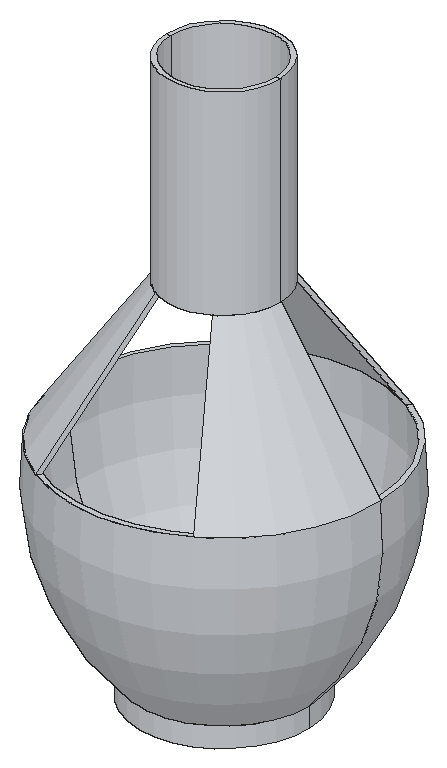
Revit family "MI-CAG", category Pipe Accessories, Revit 2026
Family settings
  Round Connector Dimension = Use Diameter
  Part Type = Normal
  Work Plane-Based = No
  Always vertical = Yes
  Cut with Voids When Loaded = No
  Shared = No
Parameters (values of type "MI-CAG-30NH")
  URL = "WWW.MIFAB.COM"
  Model = "MI-CAG"
  Manufacturer = "MIFAB"
  MI-CAG-30NH = yes
  MI-CAG-20T = no
  MI-CAG-20NH = no
  MI-CAG-15T = no
  MI-CAG-10T = no
  Description = "CAST IRON FIXED AIR GAP"
  Default Elevation = 0' - 0"
  B-OUTLET = 0' - 1"
  A-INLET = 0' - 0 3/4"
Types (6): name | URL | Model | Manufacturer | MI-CAG-30NH | MI-CAG-20T | MI-CAG-20NH | MI-CAG-15T | MI-CAG-10T | Description
  (no name) | "WWW.MIFAB.COM" | "MI-CAG" | "MIFAB" | yes | no | no | no | no | "CAST IRON FIXED AIR GAP"
  MI-CAG-10T | 0' - 0" | "MI-CAG-10T" | 0' - 0" | no | no | no | no | yes | 0' - 0"
  MI-CAG-15T | 0' - 0" | "MI-CAG-15T" | 0' - 0" | no | no | no | yes | no | 0' - 0"
  MI-CAG-20T | 0' - 0" | "MI-CAG-10T" | 0' - 0" | no | yes | no | no | no | 0' - 0"
  MI-CAG-20NH | 0' - 0" | "MI-CAG-10T" | 0' - 0" | no | no | yes | no | no | 0' - 0"
  MI-CAG-30NH | "WWW.MIFAB.COM" | "MI-CAG" | "MIFAB" | yes | no | no | no | no | "CAST IRON FIXED AIR GAP"
Reference planes (in)
  plane 1 "Center (Front/Back)": y = 0
  plane 2: z = 0
  plane 3 "Center (Left/Right)": x = 0
  plane 4: x = -0.375
  plane 5: x = 0.375
  plane 6: x = -0.5
  plane 7: x = 0.5
Lines and regions (in)
  model lines, not visible
    curve 1: line (1.54379, 0, 1.54416) -> (1.54379, 0, 2.04416)
    curve 2: line (1.54379, 0, 2.04416) -> (4.79379, 0, 2.04416)
    curve 3: line (4.79379, 0, 2.04416) -> (4.79379, 0, 1.54416)
Dimensions and locks (in)
  equal spacing: plane 4, plane 3 "Center (Left/Right)", plane 5
  "A-INLET": plane 4 to plane 5
  equal spacing: plane 7, plane 3 "Center (Left/Right)", plane 6
  "B-OUTLET": plane 7 to plane 6
  aligned and locked: level to plane 2
  aligned and locked: plane 1 "Center (Front/Back)" to nested 1
  aligned and locked: plane 3 "Center (Left/Right)" to nested 1
Nested families (in)
  nested 1: "MI-CAG-10T" at (0, 0, 0), visible <- "MI-CAG-10T", type "MI-CAG-10T"
  nested 2: "MI-CAG-15T" at (0, 0, 0), visible <- "MI-CAG-15T", type "MI-CAG-15T"
  nested 3: "MI-CAG-20NH" at (0, 0, 0), visible <- "MI-CAG-20NH", type "MI-CAG-20NH"
  nested 4: "MI-CAG-20T" at (0, 0, 0), visible <- "MI-CAG-20T", type "MI-CAG-20T"
  nested 5: "MI-CAG-30NH" at (0, 0, 0), visible <- "MI-CAG-30NH", type "MI-CAG-30NH"
Connectors (in)
  piping at (0, 0, 4.75), diameter 0.5
    settings: on nested 1, index 1, connector inside diameter 609.6 mm, connector length 0' - 0", flow factor 0, pipe flow 0.0 L/s, pressure drop 0.0 Pa, fitting loss kfactor 0, connector angle 0.00°, fixture units 0, engagement length 0' - 0", angle of deflection 0.00°, flow configuration 0, flow direction 0, fitting loss method 0, system type 7, joint type 0, gender type 0, connector reference index -1, connector utility 0, adjustable connector no, is connector primary yes, connector description ""
  piping at (0, 0, 0), diameter 1, driven by "B-OUTLET"
    settings: on nested 1, index 2, connector inside diameter 609.6 mm, connector length 0' - 0", flow factor 0, pipe flow 0.0 L/s, pressure drop 0.0 Pa, fitting loss kfactor 0, connector angle 0.00°, fixture units 0, engagement length 0' - 0", angle of deflection 0.00°, flow configuration 0, flow direction 0, fitting loss method 0, system type 7, joint type 0, gender type 0, connector reference index -1, connector utility 0, adjustable connector no, is connector primary no, connector description ""
  piping at (0, 0, 5.5), diameter 0.75
    settings: on nested 2, index 3, connector inside diameter 609.6 mm, connector length 0' - 0", flow factor 0, pipe flow 0.0 L/s, pressure drop 0.0 Pa, fitting loss kfactor 0, connector angle 0.00°, fixture units 0, engagement length 0' - 0", angle of deflection 0.00°, flow configuration 0, flow direction 0, fitting loss method 0, system type 7, joint type 0, gender type 0, connector reference index -1, connector utility 0, adjustable connector no, is connector primary no, connector description ""
  piping at (0, 0, 0), diameter 1.5
    settings: on nested 2, index 4, connector inside diameter 609.6 mm, connector length 0' - 0", flow factor 0, pipe flow 0.0 L/s, pressure drop 0.0 Pa, fitting loss kfactor 0, connector angle 0.00°, fixture units 0, engagement length 0' - 0", angle of deflection 0.00°, flow configuration 0, flow direction 0, fitting loss method 0, system type 7, joint type 0, gender type 0, connector reference index -1, connector utility 0, adjustable connector no, is connector primary no, connector description ""
  piping at (0, 0, 8), diameter 1
    settings: on nested 4, index 5, connector inside diameter 609.6 mm, connector length 0' - 0", flow factor 0, pipe flow 0.0 L/s, pressure drop 0.0 Pa, fitting loss kfactor 0, connector angle 0.00°, fixture units 0, engagement length 0' - 0", angle of deflection 0.00°, flow configuration 0, flow direction 0, fitting loss method 0, system type 7, joint type 0, gender type 0, connector reference index -1, connector utility 0, adjustable connector no, is connector primary no, connector description ""
  piping at (0, 0, 0), diameter 2
    settings: on nested 4, index 6, connector inside diameter 609.6 mm, connector length 0' - 0", flow factor 0, pipe flow 0.0 L/s, pressure drop 0.0 Pa, fitting loss kfactor 0, connector angle 0.00°, fixture units 0, engagement length 0' - 0", angle of deflection 0.00°, flow configuration 0, flow direction 0, fitting loss method 0, system type 7, joint type 0, gender type 0, connector reference index -1, connector utility 0, adjustable connector no, is connector primary no, connector description ""
  piping at (0, 0, 10), diameter 1.5
    settings: on nested 3, index 7, connector inside diameter 609.6 mm, connector length 0' - 0", flow factor 0, pipe flow 0.0 L/s, pressure drop 0.0 Pa, fitting loss kfactor 0, connector angle 0.00°, fixture units 0, engagement length 0' - 0", angle of deflection 0.00°, flow configuration 0, flow direction 0, fitting loss method 0, system type 7, joint type 0, gender type 0, connector reference index -1, connector utility 0, adjustable connector no, is connector primary no, connector description ""
  piping at (0, 0, 0), diameter 2
    settings: on nested 3, index 8, connector inside diameter 609.6 mm, connector length 0' - 0", flow factor 0, pipe flow 0.0 L/s, pressure drop 0.0 Pa, fitting loss kfactor 0, connector angle 0.00°, fixture units 0, engagement length 0' - 0", angle of deflection 0.00°, flow configuration 0, flow direction 0, fitting loss method 0, system type 7, joint type 0, gender type 0, connector reference index -1, connector utility 0, adjustable connector no, is connector primary no, connector description ""
  piping at (0, 0, 10), diameter 2
    settings: on nested 5, index 9, connector inside diameter 609.6 mm, connector length 0' - 0", flow factor 0, pipe flow 0.0 L/s, pressure drop 0.0 Pa, fitting loss kfactor 0, connector angle 0.00°, fixture units 0, engagement length 0' - 0", angle of deflection 0.00°, flow configuration 0, flow direction 0, fitting loss method 0, system type 7, joint type 0, gender type 0, connector reference index -1, connector utility 0, adjustable connector no, is connector primary no, connector description ""
  piping at (0, 0, 0), diameter 3
    settings: on nested 5, index 10, connector inside diameter 609.6 mm, connector length 0' - 0", flow factor 0, pipe flow 0.0 L/s, pressure drop 0.0 Pa, fitting loss kfactor 0, connector angle 0.00°, fixture units 0, engagement length 0' - 0", angle of deflection 0.00°, flow configuration 0, flow direction 0, fitting loss method 0, system type 7, joint type 0, gender type 0, connector reference index -1, connector utility 0, adjustable connector no, is connector primary no, connector description ""
Definition of nested family "MI-CAG-10T"
  Parameters (values of type "MI-CAG-10T")
    URL = "WWW.MIFAB.COM"
    N.P.T Outlet Pipe Size = 0' - 1"
    Model = "MI-CAG-10T"
    Manufacturer = "MIFAB"
    Inlet Top Height = 0' - 0.35433"
    Top Inlet Pipe Size = 0' - 0 1/2"
    E-Height = 0' - 2"
    Description = "CAST IRON FIXED AIR GAP"
    Default Elevation = 0' - 0"
    D-Total Height = 0' - 4 3/4"
    C-Diameter = 0' - 3 1/4"
  Reference planes (in)
    plane 1 "Center (Front/Back)": y = 0
    plane 2: z = 0
    plane 3 "Center (Left/Right)": x = 0
    plane 4: z = 4.75
    plane 5: z = 0.35433
    plane 6: z = 4.39567
    plane 7 "1": z = 2.39567
    plane 8: x = 0.5
    plane 9: x = -0.5
    plane 10: x = 0.4171
    plane 11: x = 0.25
    plane 12: x = -0.25
    plane 13: x = 0.16797
    plane 14: x = 1.625
    plane 15: x = 1.53968
    plane 16: x = -1.625
    plane 17: x = 1.625
    plane 18: x = -1.625
  Forms (in)
    Revolve 1, solid
      sketch origin (0, 0, 4.39567) x (1, 0, 0) y (0, 0, 1)
        loop
          line (0.16797, 0.35433) -> (0.16797, 0) -> (0.25, 0) -> (0.25, 0.35433) -> (0.16797, 0.35433)
        axis (0, 0) -> (0, 0.35433)
      angle from 0 to 360
    Revolve 2, solid
      sketch origin (0, 0, 0) x (1, 0, 0) y (0, 0, 1)
        loop
          arc (0.5, 0.35433) -> (1.36218, 1.20984) -> (1.625, 2.39567) r 2.15569
          line (1.625, 2.39567) -> (1.53968, 2.39567)
          arc (1.53968, 2.39567) -> (1.27737, 1.23252) -> (0.4171, 0.40689) r 2.07057
          line (0.4171, 0.40689) -> (0.4171, 0) -> (0.5, 0) -> (0.5, 0.35433)
        axis (0, 0) -> (0, 2.39567)
      angle from 0 to 360
    Revolve 3, solid
      sketch origin (0, 0, 4.79134) x (1, 0, 0) y (0, 0, -1)
        loop
          line (1.625, 2.39567) -> (1.53876, 2.39567) -> (0.16376, 0.39567) -> (0.25, 0.39567) -> (1.625, 2.39567)
        axis (0, 0.39567) -> (0, 2.39567)
      angle from 0 to -60
    Revolve 4, solid
      sketch origin (0, 0, 4.79134) x (-0.5, 0.866025, 0) y (0, 0, 1)
        loop
          line (1.625, -2.39567) -> (0.25, -0.39567) -> (0.16376, -0.39567) -> (1.53876, -2.39567) -> (1.625, -2.39567)
        axis (0, -0.39567) -> (0, -2.39567)
      angle from 0 to -60
    Revolve 5, solid
      sketch origin (0, 0, 4.79134) x (-0.5, -0.866025, 0) y (0, 0, 1)
        loop
          line (1.625, -2.39567) -> (0.25, -0.39567) -> (0.16376, -0.39567) -> (1.53876, -2.39567) -> (1.625, -2.39567)
        axis (0, -0.39567) -> (0, -2.39567)
      angle from 0 to -60
  Lines and regions (in)
    model lines, not visible
      curve 1: line (1.54379, 0, 1.54416) -> (1.54379, 0, 2.04416)
      curve 2: line (1.54379, 0, 2.04416) -> (4.79379, 0, 2.04416)
      curve 3: line (4.79379, 0, 2.04416) -> (4.79379, 0, 1.54416)
  Dimensions and locks (in)
    plane 4 to level = 0' - 4 3/4"
    plane 5 to plane 2 = 0' - 0.35433"
    "Inlet Top Height": plane 4 to plane 6
    locked: plane 5 to level at 0.35433
    equal spacing: plane 9, plane 3 "Center (Left/Right)", plane 8
    "N.P.T Outlet Pipe Size": plane 9 to plane 8
    locked: plane 8 to plane 10 at 0.0829
    equal spacing: plane 12, plane 3 "Center (Left/Right)", plane 11
    "Top Inlet Pipe Size": plane 12 to plane 11
    locked: plane 13 to plane 11 at 0.08203
    "E-Height": plane 6 to plane 7 "1"
    locked: plane 15 to plane 14 at 0.08532
    equal spacing: plane 14, plane 3 "Center (Left/Right)", plane 16
    "C-Diameter": plane 14 to plane 16
    equal spacing: plane 18, plane 3 "Center (Left/Right)", plane 17
    "C-Diameter": plane 17 to plane 18
    "D-Total Height": plane 4 to plane 2
    aligned and locked: level to plane 2
    aligned and locked: plane 2 to Revolve 2 sketch curve
    aligned and locked: Revolve 2 sketch curve to plane 8
    aligned and locked: plane 10 to Revolve 2 sketch curve
    aligned and locked: plane 13 to Revolve 1 sketch curve
    aligned and locked: plane 11 to Revolve 1 sketch curve
    aligned and locked: Revolve 1 sketch curve to plane 4
    aligned and locked: plane 6 to Revolve 1 sketch curve
    aligned and locked: Revolve 2 sketch curve to plane 7 "1"
    aligned and locked: plane 14 to Revolve 2 sketch curve
    aligned and locked: plane 15 to Revolve 2 sketch curve
    aligned and locked: plane 11 to Revolve 3 sketch curve
    aligned and locked: plane 17 to Revolve 3 sketch curve
    aligned and locked: plane 7 "1" to Revolve 3 sketch curve
  Automatic sketch dimensions
    Revolve 1 sketch curve to plane 3 "Center (Left/Right)" = 0' - 0"
    Revolve 1 sketch curve to plane 4 = 0' - 0.04325"
    plane 4 to Revolve 1 sketch curve = 0' - 0.20675"
    Revolve 3 sketch curve to plane 3 "Center (Left/Right)" = 0' - 0"
    Revolve 3 sketch curve to plane 6 = 0' - 0"
    Revolve 3 sketch curve to plane 11 = 0' - 0.08624"
    plane 17 to Revolve 3 sketch curve = 0' - 0.08624"
    level to Revolve 3 sketch curve = 0' - 0.85433"
    Revolve 3 sketch curve to Revolve 3 sketch curve = 0' - 0 1/2"
    plane 6 to Revolve 4 sketch curve = 0' - 0"
    plane 7 "1" to Revolve 4 sketch curve = 0' - 0"
    Revolve 4 sketch curve to Revolve 4 sketch curve = 0' - 0.08624"  (x2)
    Revolve 4 sketch curve to Revolve 4 sketch curve = 0' - 1.28876"
    Revolve 4 sketch curve to level = 0' - 0.85433"
    Revolve 4 sketch curve to Revolve 4 sketch curve = 0' - 1.53876"
    Revolve 4 sketch curve to Revolve 4 sketch curve = 0' - 0 1/2"
    plane 6 to Revolve 5 sketch curve = 0' - 0"
    plane 7 "1" to Revolve 5 sketch curve = 0' - 0"
    Revolve 5 sketch curve to Revolve 5 sketch curve = 0' - 0.08624"  (x2)
    Revolve 5 sketch curve to Revolve 5 sketch curve = 0' - 1.28876"
    Revolve 5 sketch curve to level = 0' - 0.85433"
    Revolve 5 sketch curve to Revolve 5 sketch curve = 0' - 1.53876"
    Revolve 5 sketch curve to Revolve 5 sketch curve = 0' - 0 1/2"
    Revolve 2 sketch curve to Revolve 2 sketch curve = 0' - 0"  (x2)
    Revolve 2 sketch curve to plane 3 "Center (Left/Right)" = 0' - 0"
    Revolve 2 sketch curve to plane 5 = 0' - 0"
    plane 9 to Revolve 2 sketch curve = 0' - 0.02578"
    plane 4 to Revolve 2 sketch curve = 0' - 0.89567"
    Revolve 2 sketch curve to Revolve 2 sketch curve = 0' - 0 1/2"
  Connectors (in)
    piping at (0, 0, 4.75), diameter 0.5, driven by "Top Inlet Pipe Size"
      settings: on Revolve 1, index 1, connector inside diameter 609.6 mm, connector length 0' - 0", flow factor 0, pipe flow 0.0 L/s, pressure drop 0.0 Pa, fitting loss kfactor 0, connector angle 0.00°, fixture units 0, engagement length 0' - 0", angle of deflection 0.00°, flow configuration 0, flow direction 0, fitting loss method 0, system type 7, joint type 0, gender type 0, connector reference index -1, connector utility 0, adjustable connector no, is connector primary yes, connector description ""
    piping at (0, 0, 0), diameter 1, driven by "N.P.T Outlet Pipe Size"
      settings: on Revolve 2, index 2, connector inside diameter 609.6 mm, connector length 0' - 0", flow factor 0, pipe flow 0.0 L/s, pressure drop 0.0 Pa, fitting loss kfactor 0, connector angle 0.00°, fixture units 0, engagement length 0' - 0", angle of deflection 0.00°, flow configuration 0, flow direction 0, fitting loss method 0, system type 7, joint type 0, gender type 0, connector reference index -1, connector utility 0, adjustable connector no, is connector primary no, connector description ""
Definition of nested family "MI-CAG-15T"
  Parameters (values of type "MI-CAG-15T")
    URL = "WWW.MIFAB.COM"
    N.P.T Outlet Pipe Size = 0' - 1 1/2"
    Model = "MI-CAG-15T"
    Manufacturer = "MIFAB"
    Inlet Top Height = 0' - 0.35433"
    Description = "CAST IRON FIXED AIR GAP"
    Default Elevation = 0' - 0"
    A-Top Inlet Pipe Size = 0' - 0 3/4"
    E-Height = 0' - 2 1/4"
    D-Total Height = 0' - 5 1/2"
    C-Diameter = 0' - 4 1/4"
  Reference planes (in)
    plane 1 "Center (Front/Back)": y = 0
    plane 2: z = 0
    plane 3 "Center (Left/Right)": x = 0
    plane 4: z = 5.5
    plane 5: z = 0.35433
    plane 6: z = 5.14567
    plane 7 "1": z = 2.89567
    plane 8: x = 0.75
    plane 9: x = -0.75
    plane 10: x = 0.6671
    plane 11: x = 0.375
    plane 12: x = -0.375
    plane 13: x = 0.29297
    plane 14: x = 2.125
    plane 15: x = 2.03968
    plane 16: x = -2.125
    plane 17: x = 2.125
    plane 18: x = -2.125
  Forms (in)
    Revolve 1, solid
      sketch origin (0, 0, 4.39567) x (1, 0, 0) y (0, 0, 1)
        loop
          line (0.29297, 1.10433) -> (0.29297, 0.75) -> (0.375, 0.75) -> (0.375, 1.10433) -> (0.29297, 1.10433)
        axis (0, 0.75) -> (0, 1.10433)
      angle from 0 to 360
    Revolve 2, solid
      sketch origin (0, 0, 0) x (1, 0, 0) y (0, 0, 1)
        loop
          arc (0.75, 0.35433) -> (1.77632, 1.44168) -> (2.125, 2.89567) r 2.9017
          line (2.125, 2.89567) -> (2.03968, 2.89567)
          arc (2.03968, 2.89567) -> (1.69115, 1.46368) -> (0.6671, 0.40377) r 2.81641
          line (0.6671, 0.40377) -> (0.6671, 0) -> (0.75, 0) -> (0.75, 0.35433)
        axis (0, 0) -> (0, 2.89567)
      angle from 0 to 360
    Revolve 3, solid
      sketch origin (0, 0, 4.79134) x (1, 0, 0) y (0, 0, -1)
        loop
          line (2.125, 1.89567) -> (2.03876, 1.89567) -> (0.28876, -0.35433) -> (0.375, -0.35433) -> (2.125, 1.89567)
        axis (0, -0.35433) -> (0, 1.89567)
      angle from 0 to -70
    Revolve 4, solid
      sketch origin (0, 0, 4.79134) x (-0.5, 0.866025, 0) y (0, 0, 1)
        loop
          line (2.125, -1.89567) -> (0.375, 0.35433) -> (0.28876, 0.35433) -> (2.03876, -1.89567) -> (2.125, -1.89567)
        axis (0, 0.35433) -> (0, -1.89567)
      angle from 0 to -70
    Revolve 5, solid
      sketch origin (0, 0, 4.79134) x (-0.5, -0.866025, 0) y (0, 0, 1)
        loop
          line (2.125, -1.89567) -> (0.375, 0.35433) -> (0.28876, 0.35433) -> (2.03876, -1.89567) -> (2.125, -1.89567)
        axis (0, 0.35433) -> (0, -1.89567)
      angle from 0 to -70
  Lines and regions (in)
    model lines, not visible
      curve 1: line (1.54379, 0, 1.54416) -> (1.54379, 0, 2.04416)
      curve 2: line (1.54379, 0, 2.04416) -> (4.79379, 0, 2.04416)
      curve 3: line (4.79379, 0, 2.04416) -> (4.79379, 0, 1.54416)
  Dimensions and locks (in)
    plane 4 to level = 0' - 5 1/2"
    plane 5 to plane 2 = 0' - 0.35433"
    "Inlet Top Height": plane 4 to plane 6
    locked: plane 5 to level at 0.35433
    equal spacing: plane 9, plane 3 "Center (Left/Right)", plane 8
    "N.P.T Outlet Pipe Size": plane 9 to plane 8
    locked: plane 8 to plane 10 at 0.0829
    equal spacing: plane 12, plane 3 "Center (Left/Right)", plane 11
    "A-Top Inlet Pipe Size": plane 12 to plane 11
    locked: plane 13 to plane 11 at 0.08203
    "E-Height": plane 6 to plane 7 "1"
    locked: plane 15 to plane 14 at 0.08532
    equal spacing: plane 14, plane 3 "Center (Left/Right)", plane 16
    "C-Diameter": plane 14 to plane 16
    equal spacing: plane 18, plane 3 "Center (Left/Right)", plane 17
    "C-Diameter": plane 17 to plane 18
    "D-Total Height": plane 4 to plane 2
    aligned and locked: level to plane 2
    aligned and locked: plane 2 to Revolve 2 sketch curve
    aligned and locked: Revolve 2 sketch curve to plane 8
    aligned and locked: plane 10 to Revolve 2 sketch curve
    aligned and locked: Revolve 1 sketch curve to plane 13
    aligned and locked: plane 11 to Revolve 1 sketch curve
    aligned and locked: Revolve 1 sketch curve to plane 4
    aligned and locked: plane 6 to Revolve 1 sketch curve
    aligned and locked: Revolve 2 sketch curve to plane 7 "1"
    aligned and locked: Revolve 2 sketch curve to plane 14
    aligned and locked: Revolve 2 sketch curve to plane 15
    aligned and locked: plane 11 to Revolve 3 sketch curve
    aligned and locked: plane 17 to Revolve 3 sketch curve
    aligned and locked: plane 7 "1" to Revolve 3 sketch curve
  Automatic sketch dimensions
    Revolve 1 sketch curve to plane 3 "Center (Left/Right)" = 0' - 0"
    Revolve 1 sketch curve to plane 4 = 0' - 0.04325"
    plane 4 to Revolve 1 sketch curve = 0' - 0.20675"
    Revolve 3 sketch curve to plane 3 "Center (Left/Right)" = 0' - 0"
    Revolve 3 sketch curve to plane 6 = 0' - 0"
    Revolve 3 sketch curve to plane 11 = 0' - 0.08624"
    plane 17 to Revolve 3 sketch curve = 0' - 0.08624"
    level to Revolve 3 sketch curve = 0' - 0.85433"
    Revolve 3 sketch curve to Revolve 3 sketch curve = 0' - 0 1/2"
    plane 6 to Revolve 4 sketch curve = 0' - 0"
    plane 7 "1" to Revolve 4 sketch curve = 0' - 0"
    Revolve 4 sketch curve to Revolve 4 sketch curve = 0' - 0.08624"  (x2)
    Revolve 4 sketch curve to Revolve 4 sketch curve = 0' - 1.66376"
    Revolve 4 sketch curve to level = 0' - 0.85433"
    Revolve 4 sketch curve to Revolve 4 sketch curve = 0' - 2.03876"
    Revolve 4 sketch curve to Revolve 4 sketch curve = 0' - 0 1/2"
    plane 6 to Revolve 5 sketch curve = 0' - 0"
    plane 7 "1" to Revolve 5 sketch curve = 0' - 0"
    Revolve 5 sketch curve to Revolve 5 sketch curve = 0' - 0.08624"  (x2)
    Revolve 5 sketch curve to Revolve 5 sketch curve = 0' - 1.66376"
    Revolve 5 sketch curve to level = 0' - 0.85433"
    Revolve 5 sketch curve to Revolve 5 sketch curve = 0' - 2.03876"
    Revolve 5 sketch curve to Revolve 5 sketch curve = 0' - 0 1/2"
    Revolve 2 sketch curve to Revolve 2 sketch curve = 0' - 0"  (x2)
    Revolve 2 sketch curve to plane 3 "Center (Left/Right)" = 0' - 0"
    Revolve 2 sketch curve to plane 5 = 0' - 0"
    plane 9 to Revolve 2 sketch curve = 0' - 0.02578"
    plane 4 to Revolve 2 sketch curve = 0' - 0.89567"
    Revolve 2 sketch curve to Revolve 2 sketch curve = 0' - 0 1/2"
  Connectors (in)
    piping at (0, 0, 5.5), diameter 0.75, driven by "A-Top Inlet Pipe Size"
      settings: on Revolve 1, index 1, connector inside diameter 609.6 mm, connector length 0' - 0", flow factor 0, pipe flow 0.0 L/s, pressure drop 0.0 Pa, fitting loss kfactor 0, connector angle 0.00°, fixture units 0, engagement length 0' - 0", angle of deflection 0.00°, flow configuration 0, flow direction 0, fitting loss method 0, system type 7, joint type 0, gender type 0, connector reference index -1, connector utility 0, adjustable connector no, is connector primary yes, connector description ""
    piping at (0, 0, 0), diameter 1.5, driven by "N.P.T Outlet Pipe Size"
      settings: on Revolve 2, index 2, connector inside diameter 609.6 mm, connector length 0' - 0", flow factor 0, pipe flow 0.0 L/s, pressure drop 0.0 Pa, fitting loss kfactor 0, connector angle 0.00°, fixture units 0, engagement length 0' - 0", angle of deflection 0.00°, flow configuration 0, flow direction 0, fitting loss method 0, system type 7, joint type 0, gender type 0, connector reference index -1, connector utility 0, adjustable connector no, is connector primary no, connector description ""
Definition of nested family "MI-CAG-20NH"
  Parameters (values of type "MI-CAG-10T")
    URL = "WWW.MIFAB.COM"
    N.P.T Outlet Pipe Size = 0' - 2"
    Model = "MI-CAG-20NH"
    Manufacturer = "MIFAB"
    Inlet Top Height = 0' - 3 1/2"
    Description = "CAST IRON FIXED AIR GAP"
    Default Elevation = 0' - 0"
    A-Top Inlet Pipe Size = 0' - 1 1/2"
    E-Height = 0' - 2 1/2"
    D-Total Height = 0' - 10"
    C-Diameter = 0' - 5 1/2"
  Reference planes (in)
    plane 1 "Center (Front/Back)": y = 0
    plane 2: z = 0
    plane 3 "Center (Left/Right)": x = 0
    plane 4: z = 10
    plane 5: z = 0.35433
    plane 6: z = 6.5
    plane 7 "1": z = 4
    plane 8: x = 1
    plane 9: x = -1
    plane 10: x = 0.9171
    plane 11: x = 0.75
    plane 12: x = -0.75
    plane 13: x = 0.66797
    plane 14: x = 2.75
    plane 15: x = 2.66468
    plane 16: x = -2.75
    plane 17: x = 2.75
    plane 18: x = -2.75
  Forms (in)
    Revolve 1, solid
      sketch origin (0, 0, 4.39567) x (1, 0, 0) y (0, 0, 1)
        loop
          line (0.66797, 5.60433) -> (0.66797, 2.10433) -> (0.75, 2.10433) -> (0.75, 5.60433) -> (0.66797, 5.60433)
        axis (0, 2.10433) -> (0, 5.60433)
      angle from 0 to 360
    Revolve 2, solid
      sketch origin (0, 0, 0) x (1, 0, 0) y (0, 0, 1)
        loop
          arc (1, 0.35433) -> (2.40019, 1.92506) -> (2.75, 4) r 3.80023
          line (2.75, 4) -> (2.66468, 4)
          arc (2.66468, 4) -> (2.31622, 1.9461) -> (0.9171, 0.4026) r 3.71547
          line (0.9171, 0.4026) -> (0.9171, 0) -> (1, 0) -> (1, 0.35433)
        axis (0, 0) -> (0, 4)
      angle from 0 to 360
    Revolve 3, solid
      sketch origin (0, 0, 4.79134) x (1, 0, 0) y (0, 0, -1)
        loop
          line (2.75, 0.79134) -> (2.66376, 0.79134) -> (0.66376, -1.70866) -> (0.75, -1.70866) -> (2.75, 0.79134)
        axis (0, -1.70866) -> (0, 0.79134)
      angle from 0 to -55
    Revolve 4, solid
      sketch origin (0, 0, 4.79134) x (-0.5, 0.866025, 0) y (0, 0, 1)
        loop
          line (2.75, -0.79134) -> (0.75, 1.70866) -> (0.66376, 1.70866) -> (2.66376, -0.79134) -> (2.75, -0.79134)
        axis (0, 1.70866) -> (0, -0.79134)
      angle from 0 to -55
    Revolve 5, solid
      sketch origin (0, 0, 4.79134) x (-0.5, -0.866025, 0) y (0, 0, 1)
        loop
          line (2.75, -0.79134) -> (0.75, 1.70866) -> (0.66376, 1.70866) -> (2.66376, -0.79134) -> (2.75, -0.79134)
        axis (0, 1.70866) -> (0, -0.79134)
      angle from 0 to -55
  Lines and regions (in)
    model lines, not visible
      curve 1: line (1.54379, 0, 1.54416) -> (1.54379, 0, 2.04416)
      curve 2: line (1.54379, 0, 2.04416) -> (4.79379, 0, 2.04416)
      curve 3: line (4.79379, 0, 2.04416) -> (4.79379, 0, 1.54416)
  Dimensions and locks (in)
    plane 5 to plane 2 = 0' - 0.35433"
    "Inlet Top Height": plane 4 to plane 6
    locked: plane 5 to level at 0.35433
    equal spacing: plane 9, plane 3 "Center (Left/Right)", plane 8
    "N.P.T Outlet Pipe Size": plane 9 to plane 8
    locked: plane 8 to plane 10 at 0.0829
    equal spacing: plane 12, plane 3 "Center (Left/Right)", plane 11
    "A-Top Inlet Pipe Size": plane 12 to plane 11
    locked: plane 13 to plane 11 at 0.08203
    "E-Height": plane 6 to plane 7 "1"
    locked: plane 15 to plane 14 at 0.08532
    equal spacing: plane 14, plane 3 "Center (Left/Right)", plane 16
    "C-Diameter": plane 14 to plane 16
    equal spacing: plane 18, plane 3 "Center (Left/Right)", plane 17
    "C-Diameter": plane 17 to plane 18
    plane 4 to plane 2 = 0' - 10"
    plane 7 "1" to level = 0' - 4"
    aligned and locked: level to plane 2
    aligned and locked: plane 2 to Revolve 2 sketch curve
    aligned and locked: Revolve 2 sketch curve to plane 8
    aligned and locked: plane 10 to Revolve 2 sketch curve
    aligned and locked: Revolve 1 sketch curve to plane 13
    aligned and locked: Revolve 1 sketch curve to plane 11
    aligned and locked: Revolve 1 sketch curve to plane 4
    aligned and locked: plane 6 to Revolve 1 sketch curve
    aligned and locked: Revolve 2 sketch curve to plane 7 "1"
    aligned and locked: Revolve 2 sketch curve to plane 14
    aligned and locked: Revolve 2 sketch curve to plane 15
    aligned and locked: Revolve 3 sketch curve to plane 11
    aligned and locked: plane 17 to Revolve 3 sketch curve
    aligned and locked: plane 7 "1" to Revolve 3 sketch curve
  Automatic sketch dimensions
    Revolve 1 sketch curve to plane 3 "Center (Left/Right)" = 0' - 0"
    Revolve 1 sketch curve to plane 4 = 0' - 0.04325"
    plane 4 to Revolve 1 sketch curve = 0' - 0.20675"
    Revolve 3 sketch curve to plane 3 "Center (Left/Right)" = 0' - 0"
    Revolve 3 sketch curve to plane 6 = 0' - 0"
    Revolve 3 sketch curve to plane 11 = 0' - 0.08624"
    plane 17 to Revolve 3 sketch curve = 0' - 0.08624"
    level to Revolve 3 sketch curve = 0' - 0.85433"
    Revolve 3 sketch curve to Revolve 3 sketch curve = 0' - 0 1/2"
    plane 6 to Revolve 4 sketch curve = 0' - 0"
    plane 7 "1" to Revolve 4 sketch curve = 0' - 0"
    Revolve 4 sketch curve to Revolve 4 sketch curve = 0' - 0.08624"  (x2)
    Revolve 4 sketch curve to Revolve 4 sketch curve = 0' - 1.91376"
    Revolve 4 sketch curve to level = 0' - 0.85433"
    Revolve 4 sketch curve to Revolve 4 sketch curve = 0' - 2.66376"
    Revolve 4 sketch curve to Revolve 4 sketch curve = 0' - 0 1/2"
    plane 6 to Revolve 5 sketch curve = 0' - 0"
    plane 7 "1" to Revolve 5 sketch curve = 0' - 0"
    Revolve 5 sketch curve to Revolve 5 sketch curve = 0' - 0.08624"  (x2)
    Revolve 5 sketch curve to Revolve 5 sketch curve = 0' - 1.91376"
    Revolve 5 sketch curve to level = 0' - 0.85433"
    Revolve 5 sketch curve to Revolve 5 sketch curve = 0' - 2.66376"
    Revolve 5 sketch curve to Revolve 5 sketch curve = 0' - 0 1/2"
    Revolve 2 sketch curve to Revolve 2 sketch curve = 0' - 0"  (x2)
    Revolve 2 sketch curve to plane 3 "Center (Left/Right)" = 0' - 0"
    Revolve 2 sketch curve to plane 5 = 0' - 0"
    plane 9 to Revolve 2 sketch curve = 0' - 0.02578"
    plane 4 to Revolve 2 sketch curve = 0' - 0.89567"
    Revolve 2 sketch curve to Revolve 2 sketch curve = 0' - 0 1/2"
  Connectors (in)
    piping at (0, 0, 10), diameter 1.5, driven by "A-Top Inlet Pipe Size"
      settings: on Revolve 1, index 1, connector inside diameter 609.6 mm, connector length 0' - 0", flow factor 0, pipe flow 0.0 L/s, pressure drop 0.0 Pa, fitting loss kfactor 0, connector angle 0.00°, fixture units 0, engagement length 0' - 0", angle of deflection 0.00°, flow configuration 0, flow direction 0, fitting loss method 0, system type 7, joint type 0, gender type 0, connector reference index -1, connector utility 0, adjustable connector no, is connector primary yes, connector description ""
    piping at (0, 0, 0), diameter 2, driven by "N.P.T Outlet Pipe Size"
      settings: on Revolve 2, index 2, connector inside diameter 609.6 mm, connector length 0' - 0", flow factor 0, pipe flow 0.0 L/s, pressure drop 0.0 Pa, fitting loss kfactor 0, connector angle 0.00°, fixture units 0, engagement length 0' - 0", angle of deflection 0.00°, flow configuration 0, flow direction 0, fitting loss method 0, system type 7, joint type 0, gender type 0, connector reference index -1, connector utility 0, adjustable connector no, is connector primary no, connector description ""
Definition of nested family "MI-CAG-20T"
  Parameters (values of type "MI-CAG-10T")
    URL = "WWW.MIFAB.COM"
    N.P.T Outlet Pipe Size = 0' - 2"
    Model = "MI-CAG-20T"
    Manufacturer = "MIFAB"
    Inlet Top Height = 0' - 0.35433"
    Description = "CAST IRON FIXED AIR GAP"
    Default Elevation = 0' - 0"
    A-Top Inlet Pipe Size = 0' - 1"
    E-Height = 0' - 4"
    D-Total Height = 0' - 8"
    C-Diameter = 0' - 4 1/4"
  Reference planes (in)
    plane 1 "Center (Front/Back)": y = 0
    plane 2: z = 0
    plane 3 "Center (Left/Right)": x = 0
    plane 4: z = 8
    plane 5: z = 0.35433
    plane 6: z = 7.64567
    plane 7 "1": z = 3.64567
    plane 8: x = 1
    plane 9: x = -1
    plane 10: x = 0.9171
    plane 11: x = 0.5
    plane 12: x = -0.5
    plane 13: x = 0.41797
    plane 14: x = 2.125
    plane 15: x = 2.03968
    plane 16: x = -2.125
    plane 17: x = 2.125
    plane 18: x = -2.125
  Forms (in)
    Revolve 1, solid
      sketch origin (0, 0, 4.39567) x (1, 0, 0) y (0, 0, 1)
        loop
          line (0.41797, 3.60433) -> (0.41797, 3.25) -> (0.5, 3.25) -> (0.5, 3.60433) -> (0.41797, 3.60433)
        axis (0, 3.25) -> (0, 3.60433)
      angle from 0 to 360
    Revolve 2, solid
      sketch origin (0, 0, 0) x (1, 0, 0) y (0, 0, 1)
        loop
          arc (1, 0.35433) -> (2.04137, 1.83632) -> (2.125, 3.64567) r 3.24137
          line (2.125, 3.64567) -> (2.03968, 3.64567)
          arc (2.03968, 3.64567) -> (1.95976, 1.85385) -> (0.9171, 0.39444) r 3.1585
          line (0.9171, 0.39444) -> (0.9171, 0) -> (1, 0) -> (1, 0.35433)
        axis (0, 0) -> (0, 3.64567)
      angle from 0 to 360
    Revolve 3, solid
      sketch origin (0, 0, 4.79134) x (1, 0, 0) y (0, 0, -1)
        loop
          line (2.125, 1.14567) -> (2.03876, 1.14567) -> (0.41376, -2.85433) -> (0.5, -2.85433) -> (2.125, 1.14567)
        axis (0, -2.85433) -> (0, 1.14567)
      angle from 0 to -55
    Revolve 4, solid
      sketch origin (0, 0, 4.79134) x (-0.5, 0.866025, 0) y (0, 0, 1)
        loop
          line (2.125, -1.14567) -> (0.5, 2.85433) -> (0.41376, 2.85433) -> (2.03876, -1.14567) -> (2.125, -1.14567)
        axis (0, 2.85433) -> (0, -1.14567)
      angle from 0 to -55
    Revolve 5, solid
      sketch origin (0, 0, 4.79134) x (-0.5, -0.866025, 0) y (0, 0, 1)
        loop
          line (2.125, -1.14567) -> (0.5, 2.85433) -> (0.41376, 2.85433) -> (2.03876, -1.14567) -> (2.125, -1.14567)
        axis (0, 2.85433) -> (0, -1.14567)
      angle from 0 to -55
  Lines and regions (in)
    model lines, not visible
      curve 1: line (1.54379, 0, 1.54416) -> (1.54379, 0, 2.04416)
      curve 2: line (1.54379, 0, 2.04416) -> (4.79379, 0, 2.04416)
      curve 3: line (4.79379, 0, 2.04416) -> (4.79379, 0, 1.54416)
  Dimensions and locks (in)
    plane 5 to plane 2 = 0' - 0.35433"
    "Inlet Top Height": plane 4 to plane 6
    locked: plane 5 to level at 0.35433
    equal spacing: plane 9, plane 3 "Center (Left/Right)", plane 8
    "N.P.T Outlet Pipe Size": plane 9 to plane 8
    locked: plane 8 to plane 10 at 0.0829
    equal spacing: plane 12, plane 3 "Center (Left/Right)", plane 11
    "A-Top Inlet Pipe Size": plane 12 to plane 11
    locked: plane 13 to plane 11 at 0.08203
    "E-Height": plane 6 to plane 7 "1"
    locked: plane 15 to plane 14 at 0.08532
    equal spacing: plane 14, plane 3 "Center (Left/Right)", plane 16
    "C-Diameter": plane 14 to plane 16
    equal spacing: plane 18, plane 3 "Center (Left/Right)", plane 17
    "C-Diameter": plane 17 to plane 18
    "D-Total Height": plane 4 to plane 2
    aligned and locked: level to plane 2
    aligned and locked: plane 2 to Revolve 2 sketch curve
    aligned and locked: Revolve 2 sketch curve to plane 8
    aligned and locked: plane 10 to Revolve 2 sketch curve
    aligned and locked: Revolve 1 sketch curve to plane 13
    aligned and locked: Revolve 1 sketch curve to plane 11
    aligned and locked: Revolve 1 sketch curve to plane 4
    aligned and locked: plane 6 to Revolve 1 sketch curve
    aligned and locked: Revolve 2 sketch curve to plane 7 "1"
    aligned and locked: Revolve 2 sketch curve to plane 14
    aligned and locked: Revolve 2 sketch curve to plane 15
    aligned and locked: Revolve 3 sketch curve to plane 11
    aligned and locked: plane 17 to Revolve 3 sketch curve
    aligned and locked: plane 7 "1" to Revolve 3 sketch curve
  Automatic sketch dimensions
    Revolve 1 sketch curve to plane 3 "Center (Left/Right)" = 0' - 0"
    Revolve 1 sketch curve to plane 4 = 0' - 0.04325"
    plane 4 to Revolve 1 sketch curve = 0' - 0.20675"
    Revolve 3 sketch curve to plane 3 "Center (Left/Right)" = 0' - 0"
    Revolve 3 sketch curve to plane 6 = 0' - 0"
    Revolve 3 sketch curve to plane 11 = 0' - 0.08624"
    plane 17 to Revolve 3 sketch curve = 0' - 0.08624"
    level to Revolve 3 sketch curve = 0' - 0.85433"
    Revolve 3 sketch curve to Revolve 3 sketch curve = 0' - 0 1/2"
    plane 6 to Revolve 4 sketch curve = 0' - 0"
    plane 7 "1" to Revolve 4 sketch curve = 0' - 0"
    Revolve 4 sketch curve to Revolve 4 sketch curve = 0' - 0.08624"  (x2)
    Revolve 4 sketch curve to Revolve 4 sketch curve = 0' - 1.53876"
    Revolve 4 sketch curve to level = 0' - 0.85433"
    Revolve 4 sketch curve to Revolve 4 sketch curve = 0' - 2.03876"
    Revolve 4 sketch curve to Revolve 4 sketch curve = 0' - 0 1/2"
    plane 6 to Revolve 5 sketch curve = 0' - 0"
    plane 7 "1" to Revolve 5 sketch curve = 0' - 0"
    Revolve 5 sketch curve to Revolve 5 sketch curve = 0' - 0.08624"  (x2)
    Revolve 5 sketch curve to Revolve 5 sketch curve = 0' - 1.53876"
    Revolve 5 sketch curve to level = 0' - 0.85433"
    Revolve 5 sketch curve to Revolve 5 sketch curve = 0' - 2.03876"
    Revolve 5 sketch curve to Revolve 5 sketch curve = 0' - 0 1/2"
    Revolve 2 sketch curve to Revolve 2 sketch curve = 0' - 0"  (x2)
    Revolve 2 sketch curve to plane 3 "Center (Left/Right)" = 0' - 0"
    Revolve 2 sketch curve to plane 5 = 0' - 0"
    plane 9 to Revolve 2 sketch curve = 0' - 0.02578"
    plane 4 to Revolve 2 sketch curve = 0' - 0.89567"
    Revolve 2 sketch curve to Revolve 2 sketch curve = 0' - 0 1/2"
  Connectors (in)
    piping at (0, 0, 8), diameter 1, driven by "A-Top Inlet Pipe Size"
      settings: on Revolve 1, index 1, connector inside diameter 609.6 mm, connector length 0' - 0", flow factor 0, pipe flow 0.0 L/s, pressure drop 0.0 Pa, fitting loss kfactor 0, connector angle 0.00°, fixture units 0, engagement length 0' - 0", angle of deflection 0.00°, flow configuration 0, flow direction 0, fitting loss method 0, system type 7, joint type 0, gender type 0, connector reference index -1, connector utility 0, adjustable connector no, is connector primary yes, connector description ""
    piping at (0, 0, 0), diameter 2, driven by "N.P.T Outlet Pipe Size"
      settings: on Revolve 2, index 2, connector inside diameter 609.6 mm, connector length 0' - 0", flow factor 0, pipe flow 0.0 L/s, pressure drop 0.0 Pa, fitting loss kfactor 0, connector angle 0.00°, fixture units 0, engagement length 0' - 0", angle of deflection 0.00°, flow configuration 0, flow direction 0, fitting loss method 0, system type 7, joint type 0, gender type 0, connector reference index -1, connector utility 0, adjustable connector no, is connector primary no, connector description ""
Definition of nested family "MI-CAG-30NH"
  Parameters (values of type "MI-CAG-10T")
    URL = "WWW.MIFAB.COM"
    N.P.T Outlet Pipe Size = 0' - 3"
    Model = "MI-CAG-30NH"
    Manufacturer = "MIFAB"
    Inlet Top Height = 0' - 3 1/2"
    Description = "CAST IRON FIXED AIR GAP"
    Default Elevation = 0' - 0"
    A-Top Inlet Pipe Size = 0' - 2"
    E-Height = 0' - 2 1/2"
    D-Total Height = 0' - 10"
    C-Diameter = 0' - 5 1/2"
  Reference planes (in)
    plane 1 "Center (Front/Back)": y = 0
    plane 2: z = 0
    plane 3 "Center (Left/Right)": x = 0
    plane 4: z = 10
    plane 5: z = 0.35433
    plane 6: z = 6.5
    plane 7 "1": z = 4
    plane 8: x = 1.5
    plane 9: x = -1.5
    plane 10: x = 1.4171
    plane 11: x = 1
    plane 12: x = -1
    plane 13: x = 0.91797
    plane 14: x = 2.75
    plane 15: x = 2.66468
    plane 16: x = -2.75
    plane 17: x = 2.75
    plane 18: x = -2.75
  Forms (in)
    Revolve 1, solid
      sketch origin (0, 0, 4.39567) x (1, 0, 0) y (0, 0, 1)
        loop
          line (0.91797, 5.60433) -> (0.91797, 2.10433) -> (1, 2.10433) -> (1, 5.60433) -> (0.91797, 5.60433)
        axis (0, 2.10433) -> (0, 5.60433)
      angle from 0 to 360
    Revolve 2, solid
      sketch origin (0, 0, 0) x (1, 0, 0) y (0, 0, 1)
        loop
          arc (1.5, 0.35433) -> (2.55477, 2.02981) -> (2.75, 4) r 4.31375
          line (2.75, 4) -> (2.66468, 4)
          arc (2.66468, 4) -> (2.47126, 2.04699) -> (1.4171, 0.39156) r 4.22919
          line (1.4171, 0.39156) -> (1.4171, 0) -> (1.5, 0) -> (1.5, 0.35433)
        axis (0, 0) -> (0, 4)
      angle from 0 to 360
    Revolve 3, solid
      sketch origin (0, 0, 4.79134) x (1, 0, 0) y (0, 0, -1)
        loop
          line (2.75, 0.79134) -> (2.66376, 0.79134) -> (0.91376, -1.70866) -> (1, -1.70866) -> (2.75, 0.79134)
        axis (0, -1.70866) -> (0, 0.79134)
      angle from 0 to -60
    Revolve 4, solid
      sketch origin (0, 0, 4.79134) x (-0.5, 0.866025, 0) y (0, 0, 1)
        loop
          line (2.75, -0.79134) -> (1, 1.70866) -> (0.91376, 1.70866) -> (2.66376, -0.79134) -> (2.75, -0.79134)
        axis (0, 1.70866) -> (0, -0.79134)
      angle from 0 to -60
    Revolve 5, solid
      sketch origin (0, 0, 4.79134) x (-0.5, -0.866025, 0) y (0, 0, 1)
        loop
          line (2.75, -0.79134) -> (1, 1.70866) -> (0.91376, 1.70866) -> (2.66376, -0.79134) -> (2.75, -0.79134)
        axis (0, 1.70866) -> (0, -0.79134)
      angle from 0 to -60
  Lines and regions (in)
    model lines, not visible
      curve 1: line (1.54379, 0, 1.54416) -> (1.54379, 0, 2.04416)
      curve 2: line (1.54379, 0, 2.04416) -> (4.79379, 0, 2.04416)
      curve 3: line (4.79379, 0, 2.04416) -> (4.79379, 0, 1.54416)
  Dimensions and locks (in)
    plane 5 to plane 2 = 0' - 0.35433"
    "Inlet Top Height": plane 4 to plane 6
    locked: plane 5 to level at 0.35433
    equal spacing: plane 9, plane 3 "Center (Left/Right)", plane 8
    "N.P.T Outlet Pipe Size": plane 9 to plane 8
    locked: plane 8 to plane 10 at 0.0829
    equal spacing: plane 12, plane 3 "Center (Left/Right)", plane 11
    "A-Top Inlet Pipe Size": plane 12 to plane 11
    locked: plane 13 to plane 11 at 0.08203
    "E-Height": plane 6 to plane 7 "1"
    locked: plane 15 to plane 14 at 0.08532
    equal spacing: plane 14, plane 3 "Center (Left/Right)", plane 16
    "C-Diameter": plane 14 to plane 16
    equal spacing: plane 18, plane 3 "Center (Left/Right)", plane 17
    "C-Diameter": plane 17 to plane 18
    plane 4 to plane 2 = 0' - 10"
    plane 7 "1" to level = 0' - 4"
    aligned and locked: level to plane 2
    aligned and locked: plane 2 to Revolve 2 sketch curve
    aligned and locked: Revolve 2 sketch curve to plane 8
    aligned and locked: plane 10 to Revolve 2 sketch curve
    aligned and locked: Revolve 1 sketch curve to plane 13
    aligned and locked: Revolve 1 sketch curve to plane 11
    aligned and locked: Revolve 1 sketch curve to plane 4
    aligned and locked: plane 6 to Revolve 1 sketch curve
    aligned and locked: Revolve 2 sketch curve to plane 7 "1"
    aligned and locked: Revolve 2 sketch curve to plane 14
    aligned and locked: Revolve 2 sketch curve to plane 15
    aligned and locked: Revolve 3 sketch curve to plane 11
    aligned and locked: plane 17 to Revolve 3 sketch curve
    aligned and locked: plane 7 "1" to Revolve 3 sketch curve
  Automatic sketch dimensions
    Revolve 1 sketch curve to plane 3 "Center (Left/Right)" = 0' - 0"
    Revolve 1 sketch curve to plane 4 = 0' - 0.04325"
    plane 4 to Revolve 1 sketch curve = 0' - 0.20675"
    Revolve 3 sketch curve to plane 3 "Center (Left/Right)" = 0' - 0"
    Revolve 3 sketch curve to plane 6 = 0' - 0"
    Revolve 3 sketch curve to plane 11 = 0' - 0.08624"
    plane 17 to Revolve 3 sketch curve = 0' - 0.08624"
    level to Revolve 3 sketch curve = 0' - 0.85433"
    Revolve 3 sketch curve to Revolve 3 sketch curve = 0' - 0 1/2"
    plane 6 to Revolve 4 sketch curve = 0' - 0"
    plane 7 "1" to Revolve 4 sketch curve = 0' - 0"
    Revolve 4 sketch curve to Revolve 4 sketch curve = 0' - 0.08624"  (x2)
    Revolve 4 sketch curve to Revolve 4 sketch curve = 0' - 1.66376"
    Revolve 4 sketch curve to level = 0' - 0.85433"
    Revolve 4 sketch curve to Revolve 4 sketch curve = 0' - 2.66376"
    Revolve 4 sketch curve to Revolve 4 sketch curve = 0' - 0 1/2"
    plane 6 to Revolve 5 sketch curve = 0' - 0"
    plane 7 "1" to Revolve 5 sketch curve = 0' - 0"
    Revolve 5 sketch curve to Revolve 5 sketch curve = 0' - 0.08624"  (x2)
    Revolve 5 sketch curve to Revolve 5 sketch curve = 0' - 1.66376"
    Revolve 5 sketch curve to level = 0' - 0.85433"
    Revolve 5 sketch curve to Revolve 5 sketch curve = 0' - 2.66376"
    Revolve 5 sketch curve to Revolve 5 sketch curve = 0' - 0 1/2"
    Revolve 2 sketch curve to Revolve 2 sketch curve = 0' - 0"  (x2)
    Revolve 2 sketch curve to plane 3 "Center (Left/Right)" = 0' - 0"
    Revolve 2 sketch curve to plane 5 = 0' - 0"
    plane 9 to Revolve 2 sketch curve = 0' - 0.02578"
    plane 4 to Revolve 2 sketch curve = 0' - 0.89567"
    Revolve 2 sketch curve to Revolve 2 sketch curve = 0' - 0 1/2"
  Connectors (in)
    piping at (0, 0, 10), diameter 2, driven by "A-Top Inlet Pipe Size"
      settings: on Revolve 1, index 1, connector inside diameter 609.6 mm, connector length 0' - 0", flow factor 0, pipe flow 0.0 L/s, pressure drop 0.0 Pa, fitting loss kfactor 0, connector angle 0.00°, fixture units 0, engagement length 0' - 0", angle of deflection 0.00°, flow configuration 0, flow direction 0, fitting loss method 0, system type 7, joint type 0, gender type 0, connector reference index -1, connector utility 0, adjustable connector no, is connector primary yes, connector description ""
    piping at (0, 0, 0), diameter 3, driven by "N.P.T Outlet Pipe Size"
      settings: on Revolve 2, index 2, connector inside diameter 609.6 mm, connector length 0' - 0", flow factor 0, pipe flow 0.0 L/s, pressure drop 0.0 Pa, fitting loss kfactor 0, connector angle 0.00°, fixture units 0, engagement length 0' - 0", angle of deflection 0.00°, flow configuration 0, flow direction 0, fitting loss method 0, system type 7, joint type 0, gender type 0, connector reference index -1, connector utility 0, adjustable connector no, is connector primary no, connector description ""
